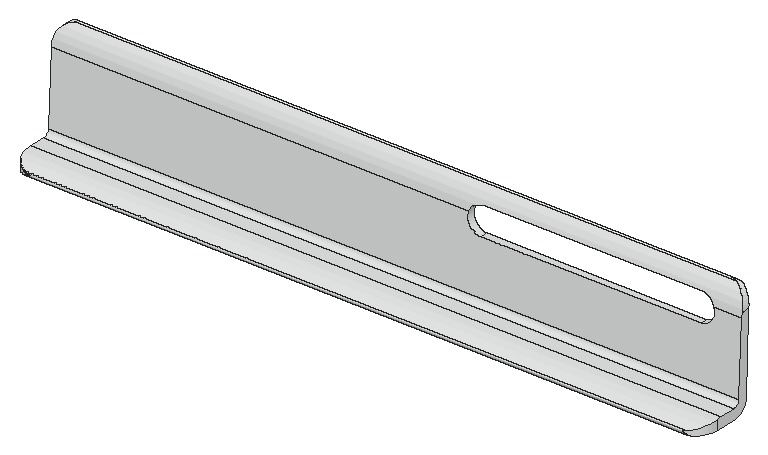
Revit family "Accessory-Shower_Shelf-KOHLER-CHOREOGRAPH-K-97623_1", category Specialty Equipment, host Face, Revit 2017
Family settings
  Host = Face
  Round Connector Dimension = Use Diameter
  Part Type = Normal
  OmniClass Number = 23.31.25.00
  OmniClass Title = Toilet and Bath Specialties
  Cut with Voids When Loaded = No
  Shared = No
  Room Calculation Point = No
Parameters (values of type "SHP-Bright Polished Silver")
  Width = 21"  # constant formula
  WaterSense Certified = 1 = 0  # no
  URL = "https://www.us.kohler.com/us/"
  Type = 1
  Product Page URL = "https://www.us.kohler.com/us/catalog/productDetails.jsp?productId=97623"
  Product Name = "CHOREOGRAPH\r\n"  # constant formula
  Product Documentation Link = "https://www.us.kohler.com/webassets/kpna/catalog/pdf/en/K-97623_spec_US-CA_Kohler_en.pdf"
  Model = if(Type = 1, "K-97623-SHP", if(Type = 2, "K-97623-BNK", if(Type = 3, "K-97623-ABZ", if(Type = 4, "K-97623-BL", "NA"))))  # "K-97623-SHP"
  Material = "Anodized Aluminium"  # constant formula
  Master Format 2014 Name = "Toilet, Bath, and Laundry Accessories"  # constant formula
  Master Format 2014 = "10 28 00"  # constant formula
  Manufacturer Address = "444 Highland Dr, Kohler, WI 53044"  # constant formula
  Manufacturer = "KOHLER Co."  # constant formula
  Length = 3 99/256"  # constant formula
  Height = 2 1/128"  # constant formula
  Finish = Kohler-Metal-SHP-Bright_Polished_Silver
  Environmental Product Declaration = ""
  Description = "21 Inch floating shower shelf"  # constant formula
  Default Elevation = 42"
  Declare Label = ""
  Date Modified = "09/17/2021"  # constant formula
  Date Created = "09/17/2021"  # constant formula
  Copyright = "Copyright KOHLER Co."  # constant formula
  Contact Us = "https://www.us.kohler.com/us/static/contact.jsp"
  Assembly Code = "C1030200"
  ADA Compliant = 1 = 0  # no
Types (5): name | Type | Model | Finish
  (no name) | 1 | "K-97623-SHP" | Kohler-Metal-SHP-Bright_Polished_Silver
  SHP-Bright Polished Silver | 1 | "K-97623-SHP" | Kohler-Metal-SHP-Bright_Polished_Silver
  BNK-Anodized Brushed Nickel | 2 | "K-97623-BNK" | Kohler-Metal-BNK-Anodized_Brushed_Nickel
  ABZ-Anodized Dark Bronze | 3 | "K-97623-ABZ" | Kohler-Metal-ABZ-Anodized_Dark_Bronze
  BL-Matte Black | 4 | "K-97623-BL" | Kohler-Metal-BL-Matte_Black
Reference planes (in)
  plane 1 "Center (Front/Back)": y = 0
  plane 2: z = 0
  plane 3 "Center (Left/Right)": x = 0
  plane 4: z = 3.38672
  plane 5: y = 2.00781
  plane 6: x = 10.49213
  plane 7: x = -10.50787
Dimensions and locks (in)
  "Length": level to plane 4
  "Height": plane 1 "Center (Front/Back)" to plane 5
  "Width": plane 7 to plane 6
  aligned and locked: plane 2 to host face
  aligned and locked: level to host face
Automatic sketch dimensions
  host sketch curve to host sketch curve = 96"  (x2)
Nested families (in)
  nested 1: "K-97623" at (0, 2.22934, 0) x (-1, 0, 0) z (0, 0, 1), type "K-97623"
Definition of nested family "K-97623"
  Parameters (values of type "K-97623")
    Material = none
  Reference planes (in)
    plane 1 "Center (Front/Back)": y = 0.22162
    plane 2: z = 0
    plane 3 "Center (Left/Right)": x = 0
    plane 4: x = 10.49213
    plane 5: y = 2.22934
    plane 6: z = 3.38583
    plane 7: x = -10.49213
  Forms (in)
    Extrusion 1, solid, material <- "Material", detail levels medium+fine
      sketch origin (0, 2.43575, 0) x (0, -1, 0) y (0, 0, 1)
        loop
          line (0.26986, 0) -> (1.50899, 0)
          arc (1.50899, 0) -> (1.80288, 0.11874) -> (1.93181, 0.40831) r 0.42307
          line (1.93181, 0.40831) -> (2.00992, 2.64508)
          arc (2.00992, 2.64508) -> (2.06553, 2.98069) -> (2.20512, 3.29092) r 1.31913
          arc (2.20512, 3.29092) -> (2.19006, 3.37292) -> (2.10694, 3.36641) r 0.06225
          arc (2.10694, 3.36641) -> (1.89196, 3.0399) -> (1.80322, 2.65917) r 1.11238
          line (1.80322, 2.65917) -> (1.68892, 0.47813)
          arc (1.68892, 0.47813) -> (1.6306, 0.35162) -> (1.50121, 0.3) r 0.18797
          line (1.50121, 0.3) -> (1.00414, 0.3)
          arc (1.00414, 0.3) -> (0.61243, 0.25463) -> (0.24146, 0.12092) r 1.71359
          arc (0.24146, 0.12092) -> (0.20775, 0.04921) -> (0.26986, 0) r 0.06379
      from -10.49213 to 10.49213
    Extrusion 2, void
      sketch origin (0, 2.43575, -0.33219) x (-1, 0, 0) y (0, 0, 1)
        loop
          arc (-10.49213, 3.12293) -> (-10.31783, 3.54372) -> (-9.89704, 3.71801) r 0.59508
          line (-9.89704, 3.71801) -> (-10.64704, 3.71801) -> (-10.64704, 3.12293) -> (-10.49213, 3.12293)
        loop
          line (10.49213, 3.12293) -> (10.69935, 3.12293) -> (10.69935, 3.71801) -> (9.89704, 3.71801)
          arc (9.89704, 3.71801) -> (10.31783, 3.54372) -> (10.49213, 3.12293) r 0.59508
      from -2.50197 to -1.5671
    Extrusion 3, void
      sketch origin (0, 2.43575, 0) x (-1, 0, 0) y (0, -1, 0)
        loop
          arc (-9.87886, 0.20565) -> (-10.31251, 0.38527) -> (-10.49213, 0.81891) r 0.61326
          line (-10.49213, 0.81891) -> (-10.99213, 0.81891) -> (-10.99213, -0.18109) -> (-9.87886, -0.18109) -> (-9.87886, 0.20565)
        loop
          line (9.87886, 0.20565) -> (9.87886, -0.18109) -> (11.05569, -0.18109) -> (11.05569, 0.81891) -> (10.49213, 0.81891)
          arc (10.49213, 0.81891) -> (10.31251, 0.38527) -> (9.87886, 0.20565) r 0.61326
      from -0.1425 to 0.39189
    Extrusion 4, solid, material <- "Material", detail levels coarse
      sketch origin (0, 0, 0) x (0, 1, 0) y (0, 0, 1)
        loop
          line (2.22934, 0) -> (2.22934, 0.30052) -> (0.7661, 0.30052) -> (0.63306, 3.38583) -> (0.37161, 3.38583) -> (0.51762, 0) -> (2.22934, 0)
      from -10.49213 to 10.49213
    Extrusion 5, void
      sketch origin (0, 0.22162, 0) x (1, 0, 0) y (0, 0, 1)
        loop
          arc (-9.25436, 2.91737) -> (-9.66775, 2.50398) -> (-9.25436, 2.0906) r 0.41339
          line (-9.25436, 2.0906) -> (-2.57865, 2.0906)
          arc (-2.57865, 2.0906) -> (-2.16527, 2.50398) -> (-2.57865, 2.91737) r 0.41339
          line (-2.57865, 2.91737) -> (-9.25436, 2.91737)
      from -2.3053 to 0.47738
  Cuts and joins
    Extrusion 2, Extrusion 3, Extrusion 5 cuts Extrusion 1
  Lines and regions (in)
    Masking region 1
      outline origin (0, 0, 0) x (0, 1, 0) y (0, 0, 1)
        loop
          arc (0.63268, 2.65926) -> (0.62459, 2.74692) -> (0.60961, 2.83366) r 1.11238
          spline (0.60961, 2.83366) -> (0.59544, 2.89215) -> (0.57846, 2.94876) -> (0.55882, 3.00349) -> (0.53682, 3.05609) -> (0.51291, 3.10607) -> (0.48749, 3.1531) -> (0.46097, 3.19704) -> (0.43383, 3.23778) -> (0.40656, 3.27512) -> (0.37973, 3.30892) -> (0.35387, 3.33912) -> (0.32925, 3.36594)
          arc (0.32925, 3.36594) -> (0.24598, 3.37314) -> (0.23059, 3.29099) r 0.06225
          arc (0.23059, 3.29099) -> (0.32675, 3.09985) -> (0.3893, 2.89524) r 1.26394
          arc (0.3893, 2.89524) -> (0.41444, 2.76307) -> (0.42598, 2.62903) r 1.31913
          line (0.42598, 2.62903) -> (0.50353, 0.40831)
          arc (0.50353, 0.40831) -> (0.63245, 0.11874) -> (0.92635, 0) r 0.42307
          line (0.92635, 0) -> (1.66755, 0) -> (2.16705, 0)
          arc (2.16705, 0) -> (2.22934, 0.05002) -> (2.19395, 0.12164) r 0.06379
          spline (2.19395, 0.12164) -> (2.16706, 0.13788) -> (2.13672, 0.15388) -> (2.1031, 0.16955) -> (2.06644, 0.18478) -> (2.02696, 0.19947) -> (1.98492, 0.21353) -> (1.9406, 0.22686) -> (1.89427, 0.23939) -> (1.84624, 0.25103) -> (1.79681, 0.26171) -> (1.74631, 0.27135) -> (1.69504, 0.27981)
          arc (1.69504, 0.27981) -> (1.56429, 0.29494) -> (1.43276, 0.3) r 1.71359
          line (1.43276, 0.3) -> (0.93469, 0.3)
          arc (0.93469, 0.3) -> (0.80531, 0.35162) -> (0.74698, 0.47813) r 0.18797
          line (0.74698, 0.47813) -> (0.63268, 2.65926)
    Masking region 2
      outline origin (0, 0, 0) x (1, 0, 0) y (0, 1, 0)
        loop
          line (-10.49213, 1.61684) -> (-10.49213, 0.40151)
          spline (-10.49213, 0.40151) -> (-10.48914, 0.3906) -> (-10.48326, 0.37889) -> (-10.47451, 0.36641) -> (-10.46293, 0.35323) -> (-10.44858, 0.33942) -> (-10.43152, 0.32504) -> (-10.41183, 0.31015) -> (-10.38961, 0.29483) -> (-10.36496, 0.27915) -> (-10.33801, 0.26319) -> (-10.30887, 0.24702) -> (-10.27768, 0.23071)
          arc (-10.27768, 0.23071) -> (-10.25701, 0.22392) -> (-10.23538, 0.22162) r 0.10298
          line (-10.23538, 0.22162) -> (-3.50654, 0.22162) -> (10.23005, 0.22162)
          arc (10.23005, 0.22162) -> (10.2543, 0.22391) -> (10.2777, 0.2307) r 0.12958
          spline (10.2777, 0.2307) -> (10.30853, 0.24898) -> (10.33739, 0.26683) -> (10.36413, 0.28414) -> (10.38863, 0.30084) -> (10.41077, 0.31685) -> (10.43044, 0.33208) -> (10.44754, 0.34647) -> (10.46199, 0.35994) -> (10.47373, 0.37242) -> (10.48269, 0.38387) -> (10.48883, 0.39422) -> (10.49213, 0.40342)
          line (10.49213, 0.40342) -> (10.49213, 1.61684)
          arc (10.49213, 1.61684) -> (10.32323, 2.03949) -> (9.90956, 2.22934) r 0.61326
          line (9.90956, 2.22934) -> (-9.90956, 2.22934)
          arc (-9.90956, 2.22934) -> (-10.32323, 2.03949) -> (-10.49213, 1.61684) r 0.61326
    Masking region 3
      outline origin (0, 0.22162, 0) x (1, 0, 0) y (0, 0, 1)
        loop
          line (-10.49213, 2.79074) -> (-10.49213, 0) -> (10.49213, 0) -> (10.49213, 2.79074)
          arc (10.49213, 2.79074) -> (10.31783, 3.21153) -> (9.89704, 3.38583) r 0.59508
          line (9.89704, 3.38583) -> (-9.89704, 3.38583)
          arc (-9.89704, 3.38583) -> (-10.31783, 3.21153) -> (-10.49213, 2.79074) r 0.59508
        loop
          arc (-9.25436, 2.91737) -> (-9.66775, 2.50398) -> (-9.25436, 2.0906) r 0.41339
          line (-9.25436, 2.0906) -> (-2.57865, 2.0906)
          arc (-2.57865, 2.0906) -> (-2.16527, 2.50398) -> (-2.57865, 2.91737) r 0.41339
          line (-2.57865, 2.91737) -> (-9.25436, 2.91737)
    symbolic lines, detail levels medium+fine
      curve 1: line (-1.99672, 0.22162, 0) -> (1.99672, 0.22162, 0)
      curve 2: line (-10.49213, 0.61774, 0) -> (-10.16201, 0.33709, 0)
      curve 3: line (-10.17177, 0.32881, 0) -> (10.17177, 0.32881, 0)
      curve 4: line (10.16201, 0.33709, 0) -> (10.49213, 0.61774, 0)
      curve 5: line (-10.16201, 0.33709, 0) -> (-10.27777, 0.23892, 0)
      curve 6: line (10.27777, 0.23892, 0) -> (10.16201, 0.33709, 0)
      curve 7: line (-10.49213, 0.7661, 0) -> (10.49213, 0.7661, 0)
      curve 8: line (-9.25436, 0.5881, 0) -> (-9.63695, 0.63247, 0)
      curve 9: line (-2.57865, 0.5881, 0) -> (-9.25436, 0.5881, 0)
      curve 10: spline (-9.63695, 0.63247, 0) -> (-9.65721, 0.6358, 0) -> (-9.66692, 0.63927, 0) -> (-9.66583, 0.64277, 0) -> (-9.65398, 0.64622, 0) -> (-9.63167, 0.64952, 0) -> (-9.59948, 0.65259, 0) -> (-9.55825, 0.65535, 0) -> (-9.50907, 0.65772, 0) -> (-9.45322, 0.65965, 0) -> (-9.39216, 0.66109, 0) -> (-9.32748, 0.66199, 0) -> (-9.26088, 0.66233, 0)
      curve 11: line (-9.26088, 0.66233, 0) -> (-2.57213, 0.66233, 0)
      curve 12: spline (-2.57213, 0.66233, 0) -> (-2.50553, 0.66199, 0) -> (-2.44086, 0.66109, 0) -> (-2.37979, 0.65965, 0) -> (-2.32394, 0.65772, 0) -> (-2.27476, 0.65535, 0) -> (-2.23354, 0.65259, 0) -> (-2.20135, 0.64952, 0) -> (-2.17904, 0.64622, 0) -> (-2.16718, 0.64277, 0) -> (-2.1661, 0.63927, 0) -> (-2.17581, 0.6358, 0) -> (-2.19607, 0.63247, 0)
      curve 13: line (-2.19607, 0.63247, 0) -> (-2.57865, 0.5881, 0)
      curve 14: line (-10.44786, 0.22162, 3.01579) -> (10.44786, 0.22162, 3.01579)
      curve 15: line (10.49213, 0.22162, 0.2513) -> (-10.49213, 0.22162, 0.2513)
      curve 16: line (0, 1.79844, 0.26285) -> (0, 1.79844, 0)
      curve 17: line (0, 0.59544, 2.89074) -> (0, 0.39026, 2.89074)
      curve 18: line (-10.49213, 1.61684, 0) -> (10.49213, 1.61684, 0)
  Dimensions and locks (in)
    plane 6 to level = 3.38583"  (x2)
    plane 5 to plane 1 "Center (Front/Back)" = 2.00772"
    plane 7 to plane 4 = 20.98425"
    aligned and locked: plane 2 to level
